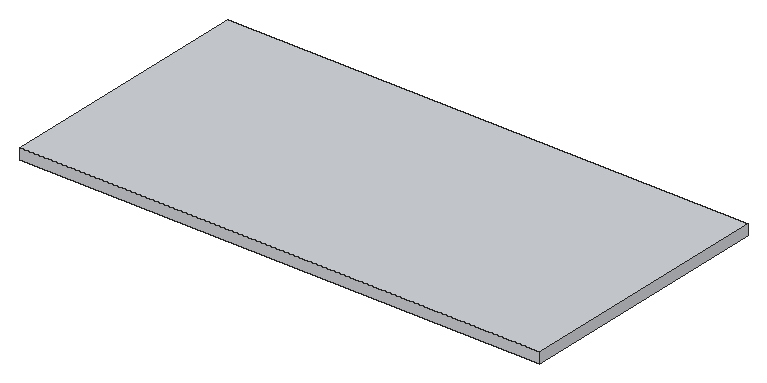
Revit family "Echo Eliminator - Ceiling and Wall Panels", category Specialty Equipment, Revit 2023
Family settings
  Round Connector Dimension = Use Diameter
  Part Type = Normal
  OmniClass Number = 23.35.00.00
  OmniClass Title = Covering, Cladding, and Finishes
  Work Plane-Based = Yes
  Enable Cutting in Views = Yes
  Always vertical = No
  Cut with Voids When Loaded = No
  Maintain Annotation Orientation = No
  Shared = No
  Room Calculation Point = No
Parameters (values of type "1 INCH THICK - 24x48 - Grey")
  ‍      1. Thickness 1" = Thickness Options = 1  # yes
  URL = "https://www.acousticalsurfaces.com/echo-eliminator/ceiling-wall-panels/"
  Type Comments = "Acoustic panels for vertical and horizontal surfaces"
  Thickness Options = 1
  T = if(Thickness Options = 0, 0' 0 1/2", 0' 0") + if(Thickness Options = 1, 0' 1", 0' 0") + if(Thickness Options = 2, 0' 2", 0' 0")  # 0' - 1"
  Recycled Content Percentage = "0%"
  Model = "Echo Eliminator - Ceiling and Wall Acoustical Panels"
  Material = "Echo Eliminator"
  Manufacturer = "Acoustical Surfaces, Inc."
  Fire Rating = "ASTM E84 - Class A"
  Finish = none
  Width = 2' - 0"
  Length = 4' - 0"
  ‍      2. Thickness 2" = Thickness Options = 2  # no
  Description = "Acoustic Panels"
  Default Elevation = 4' - 0"
  Assembly Code = "C30"
  Acoustics - NRC = "Sound absorption varies from NRC 0.45 to 0.95 based on installation method used when tested per ASTM C423."
  A = 0' - 0"
Types (46): name | ‍      1. Thickness 1" | Thickness Options | T | Finish | Width | Length | ‍      2. Thickness 2"
  1 INCH THICK - 24x48 - Grey | yes | 1 | 0' - 1" | none | 2' - 0" | 4' - 0" | no
  1 INCH THICK - 48X96 - Black | yes | 1 | 0' - 1" | Paint - Acoustical-Surfaces - Echo Eliminator - Black | 4' - 0" | 8' - 0" | no
  1 INCH THICK - 48X96 - White | yes | 1 | 0' - 1" | Paint - Acoustical-Surfaces - Echo Eliminator - White | 4' - 0" | 8' - 0" | no
  2 INCH THICK - 48X96 - Black | no | 2 | 0' - 2" | Paint - Acoustical-Surfaces - Echo Eliminator - Black | 4' - 0" | 8' - 0" | yes
  2 INCH THICK - 48X96 - Beige | no | 2 | 0' - 2" | Paint - Acoustical-Surfaces - Echo Eliminator - Beige | 4' - 0" | 8' - 0" | yes
  2 INCH THICK - 48X96 - White | no | 2 | 0' - 2" | Paint - Acoustical-Surfaces - Echo Eliminator - White | 4' - 0" | 8' - 0" | yes
  2 INCH THICK - 24x48 - Charcoal | no | 2 | 0' - 2" | Paint - Acoustical-Surfaces - Echo Eliminator - Charcoal | 2' - 0" | 4' - 0" | yes
  2 INCH THICK - 24x48 - Black | no | 2 | 0' - 2" | Paint - Acoustical-Surfaces - Echo Eliminator - Black | 2' - 0" | 4' - 0" | yes
  2 INCH THICK - 24x48 - White | no | 2 | 0' - 2" | Paint - Acoustical-Surfaces - Echo Eliminator - White | 2' - 0" | 4' - 0" | yes
  1 INCH THICK - 24x48 - Charcoal | yes | 1 | 0' - 1" | Paint - Acoustical-Surfaces - Echo Eliminator - Charcoal | 2' - 0" | 4' - 0" | no
  1 INCH THICK - 24x48 - Black | yes | 1 | 0' - 1" | Paint - Acoustical-Surfaces - Echo Eliminator - Black | 2' - 0" | 4' - 0" | no
  1 INCH THICK - 24x48 - Beige | yes | 1 | 0' - 1" | Paint - Acoustical-Surfaces - Echo Eliminator - Beige | 2' - 0" | 4' - 0" | no
  1 INCH THICK - 24x48 - White | yes | 1 | 0' - 1" | Paint - Acoustical-Surfaces - Echo Eliminator - White | 2' - 0" | 4' - 0" | no
  2 INCH THICK - 24x48 - Beige | no | 2 | 0' - 2" | Paint - Acoustical-Surfaces - Echo Eliminator - Beige | 2' - 0" | 4' - 0" | yes
  1 INCH THICK - 24x48 - Marble Blue | yes | 1 | 0' - 1" | Paint - Acoustical-Surfaces - Echo Eliminator - Marble Blue | 2' - 0" | 4' - 0" | no
  2 INCH THICK - 48x48 - Black | no | 2 | 0' - 2" | Paint - Acoustical-Surfaces - Echo Eliminator - Black | 4' - 0" | 4' - 0" | yes
  2 INCH THICK - 48x48 - Charcoal | no | 2 | 0' - 2" | Paint - Acoustical-Surfaces - Echo Eliminator - Charcoal | 4' - 0" | 4' - 0" | yes
  2 INCH THICK - 48x48 - Gray | no | 2 | 0' - 2" | none | 4' - 0" | 4' - 0" | yes
  2 INCH THICK - 48x48 - Marble Blue | no | 2 | 0' - 2" | Paint - Acoustical-Surfaces - Echo Eliminator - Marble Blue | 4' - 0" | 4' - 0" | yes
  2 INCH THICK - 48x48 - Beige | no | 2 | 0' - 2" | Paint - Acoustical-Surfaces - Echo Eliminator - Beige | 4' - 0" | 4' - 0" | yes
  2 INCH THICK - 48x48 - White | no | 2 | 0' - 2" | Paint - Acoustical-Surfaces - Echo Eliminator - White | 4' - 0" | 4' - 0" | yes
  1 INCH THICK - 48x48 - Black | yes | 1 | 0' - 1" | Paint - Acoustical-Surfaces - Echo Eliminator - Black | 4' - 0" | 4' - 0" | no
  1 INCH THICK - 48x48 - Charcoal | yes | 1 | 0' - 1" | Paint - Acoustical-Surfaces - Echo Eliminator - Charcoal | 4' - 0" | 4' - 0" | no
  1 INCH THICK - 48x48 - Grey | yes | 1 | 0' - 1" | none | 4' - 0" | 4' - 0" | no
  1 INCH THICK - 48x48 - Marble Blue | yes | 1 | 0' - 1" | Paint - Acoustical-Surfaces - Echo Eliminator - Marble Blue | 4' - 0" | 4' - 0" | no
  1 INCH THICK - 48x48 - Beige | yes | 1 | 0' - 1" | Paint - Acoustical-Surfaces - Echo Eliminator - Beige | 4' - 0" | 4' - 0" | no
  1 INCH THICK - 48x48 - White | yes | 1 | 0' - 1" | Paint - Acoustical-Surfaces - Echo Eliminator - White | 4' - 0" | 4' - 0" | no
  2 INCH THICK - 24x24 - Black | no | 2 | 0' - 2" | Paint - Acoustical-Surfaces - Echo Eliminator - Black | 2' - 0" | 2' - 0" | yes
  1 INCH THICK - 24x24 - Black | yes | 1 | 0' - 1" | Paint - Acoustical-Surfaces - Echo Eliminator - Black | 2' - 0" | 2' - 0" | no
  2 INCH THICK - 24x24 - Charcoal | no | 2 | 0' - 2" | Paint - Acoustical-Surfaces - Echo Eliminator - Charcoal | 2' - 0" | 2' - 0" | yes
  1 INCH THICK - 24x24 - Charcoal | yes | 1 | 0' - 1" | Paint - Acoustical-Surfaces - Echo Eliminator - Charcoal | 2' - 0" | 2' - 0" | no
  2 INCH THICK - 24x24 - Gray | no | 2 | 0' - 2" | none | 2' - 0" | 2' - 0" | yes
  1 INCH THICK - 24x24 - Grey | yes | 1 | 0' - 1" | none | 2' - 0" | 2' - 0" | no
  2 INCH THICK - 24x24 - Marble Blue | no | 2 | 0' - 2" | Paint - Acoustical-Surfaces - Echo Eliminator - Marble Blue | 2' - 0" | 2' - 0" | yes
  1 INCH THICK - 24x24 - Marble Blue | yes | 1 | 0' - 1" | Paint - Acoustical-Surfaces - Echo Eliminator - Marble Blue | 2' - 0" | 2' - 0" | no
  2 INCH THICK - 24x24 - Beige | no | 2 | 0' - 2" | Paint - Acoustical-Surfaces - Echo Eliminator - Beige | 2' - 0" | 2' - 0" | yes
  1 INCH THICK - 24x24 - Beige | yes | 1 | 0' - 1" | Paint - Acoustical-Surfaces - Echo Eliminator - Beige | 2' - 0" | 2' - 0" | no
  2 INCH THICK - 24x24 - White | no | 2 | 0' - 2" | Paint - Acoustical-Surfaces - Echo Eliminator - White | 2' - 0" | 2' - 0" | yes
  1 INCH THICK - 24x24 - White | yes | 1 | 0' - 1" | Paint - Acoustical-Surfaces - Echo Eliminator - White | 2' - 0" | 2' - 0" | no
  2 INCH THICK - 24x48 - Gray | no | 2 | 0' - 2" | none | 2' - 0" | 4' - 0" | yes
  1 INCH THICK - 48X96 - Marble Blue | yes | 1 | 0' - 1" | Paint - Acoustical-Surfaces - Echo Eliminator - Marble Blue | 4' - 0" | 8' - 0" | no
  1 INCH THICK - 48X96 - Charcoal | yes | 1 | 0' - 1" | Paint - Acoustical-Surfaces - Echo Eliminator - Charcoal | 4' - 0" | 8' - 0" | no
  1 INCH THICK - 48X96 - Beige | yes | 1 | 0' - 1" | Paint - Acoustical-Surfaces - Echo Eliminator - Beige | 4' - 0" | 8' - 0" | no
  2 INCH THICK - 48X96 - Marble Blue | no | 2 | 0' - 2" | Paint - Acoustical-Surfaces - Echo Eliminator - Marble Blue | 4' - 0" | 8' - 0" | yes
  2 INCH THICK - 48X96 - Charcoal | no | 2 | 0' - 2" | Paint - Acoustical-Surfaces - Echo Eliminator - Charcoal | 4' - 0" | 8' - 0" | yes
  2 INCH THICK - 24x48 - Marble Blue | no | 2 | 0' - 2" | Paint - Acoustical-Surfaces - Echo Eliminator - Marble Blue | 2' - 0" | 4' - 0" | yes
Reference planes (in)
  plane 1 "Center (Front/Back)": y = 0
  plane 2: z = 0
  plane 3 "Center (Left/Right)": x = 0
  plane 4: x = -24
  plane 5: x = 24
  plane 6: y = 12
  plane 7: y = -12
  plane 8: z = 1
Dimensions and locks (in)
  "A": nested 1 to level
  equal spacing: plane 4, plane 3 "Center (Left/Right)", plane 5
  "Length": plane 4 to plane 5
  equal spacing: plane 7, plane 1 "Center (Front/Back)", plane 6
  "Width": plane 7 to plane 6
  "T": plane 8 to plane 2
  aligned and locked: level to plane 2
Nested families (in)
  nested 1: "Square" at (0, 0, 0), type "Square"
Definition of nested family "Square"
  Parameters (values of type "Square")
    Thickness = 0' - 1"
    Material = none
    Default Elevation = 0' - 0"
    B = 2' - 0"
    A = 4' - 0"
  Reference planes (in)
    plane 1 "Center (Front/Back)": y = 0
    plane 2: z = 0
    plane 3 "Center (Left/Right)": x = 0
    plane 4: x = -24
    plane 5: x = 24
    plane 6: y = 12
    plane 7: y = -12
    plane 8: z = 1
  Forms (in)
    Extrusion 1, solid, material <- "Material"
      sketch origin (0, 0, 0) x (1, 0, 0) y (0, 1, 0)
        loop
          line (24, 12) -> (-24, 12) -> (-24, -12) -> (24, -12) -> (24, 12)
      from 0 to 1
  Dimensions and locks (in)
    equal spacing: plane 4, plane 3 "Center (Left/Right)", plane 5
    equal spacing: plane 7, plane 1 "Center (Front/Back)", plane 6
    "B": plane 7 to plane 6
    "A": plane 4 to plane 5
    "Thickness": plane 8 to level
    aligned and locked: level to plane 2
    aligned and locked: Extrusion 1 sketch curve to plane 4
    aligned and locked: plane 5 to Extrusion 1 sketch curve
    aligned and locked: Extrusion 1 sketch curve to plane 6
    aligned and locked: Extrusion 1 sketch curve to plane 7
    aligned and locked: Extrusion 1 to plane 8
